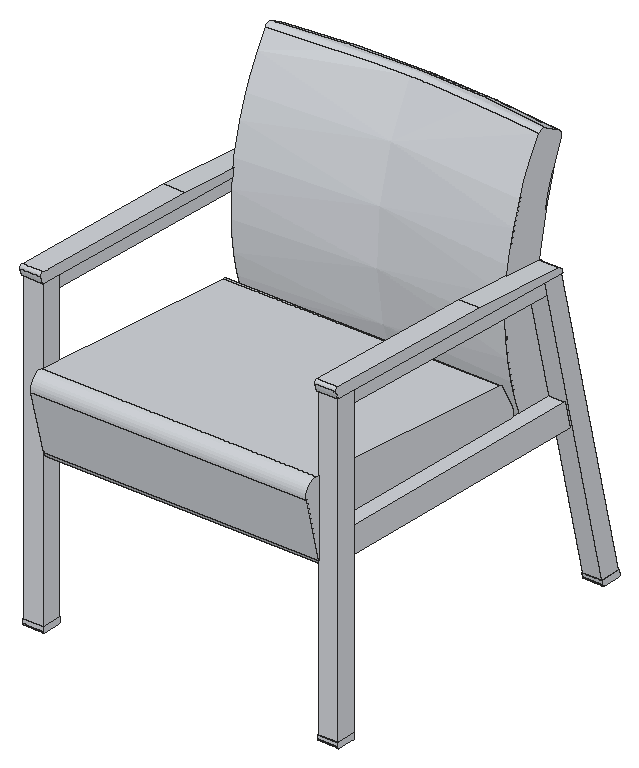
Revit family "Seat-LaZBoy-Kadia_Mod_Visitor_Seating-KAM10", category Furniture, Revit 2017
Family settings
  OmniClass Number = 23.40.20.00
  Work Plane-Based = No
  Always vertical = Yes
  Cut with Voids When Loaded = No
  Shared = No
  Room Calculation Point = No
Parameters (values of type "Solid Surface Arm Caps")
  Width = 24.50"  # constant formula
  URL = "https://www.la-z-boy.com/"
  Seat Material [instance] = none
  Product Documentation Link = "URL"
  Model = "KAM10BJ"
  Manufacturer = "LaZBoy"
  Height = 33.25"  # constant formula
  Description = "Guest Chair with Solid Surface Arm Caps"
  Depth = 28.50"  # constant formula
  Copyright © = "Inc"
  Back Material [instance] = none
  Assembly Code = "E2020200"
  Armcap Material [instance] = none
  Arm Material [instance] = none
Types (3): name | Model | Description
  Wood Arm Caps | "KAM10BW" | "Guest Chair with Arm Wood Arm Caps"
  Urethane Arm Caps | "KOT19U" | "Guest Chair with Arm Urethane Arm Caps"
  Solid Surface Arm Caps | "KAM10BJ" | "Guest Chair with Solid Surface Arm Caps"
Reference planes (in)
  plane 1 "Center (Front/Back)": y = 0
  plane 2: z = 0
  plane 3 "Center (Left/Right)": x = 0
  plane 4 "Left": x = -11.25
  plane 5 "Right": x = 11.25
  plane 6: y = -14.25
  plane 7: x = 12.25
  plane 8: x = -12.25
  plane 9: z = 33.25
  plane 10: y = 14.25
Forms (in)
  Sweep 1, solid, material <- "Back Material"
    path origin (0, -1.5, 0) x (1, 0, 0) y (0, 1, 0)
      loop
        arc (-11.25, 6.92517) -> (0, 7.82281) -> (11.25, 6.92517) r 70.94589
    profile origin (0, 6.32281, 0) x (0, 1, 0) y (0, 0, 1)
      loop
        arc (3.5655, 32.99495) -> (3.1973, 33.04777) -> (2.89451, 32.8317) r 0.5
        arc (2.89451, 32.8317) -> (-0.32773, 22.94208) -> (1.68612, 12.73757) r 20.62466
        arc (1.68612, 12.73757) -> (1.87058, 12.53145) -> (2.13639, 12.45494) r 0.5
        line (2.13639, 12.45494) -> (3.6764, 12.45494)
        arc (3.6764, 12.45494) -> (4.50884, 12.90083) -> (4.59893, 13.84086) r 1
        arc (4.59893, 13.84086) -> (3.52738, 16.86523) -> (2.79866, 19.98997) r 28.8197
        arc (2.79866, 19.98997) -> (2.6535, 21.40456) -> (2.71045, 22.82543) r 10
        arc (2.71045, 22.82543) -> (3.52285, 27.34395) -> (4.92874, 31.71436) r 34.45688
        arc (4.92874, 31.71436) -> (4.93628, 32.06306) -> (4.71401, 32.33185) r 0.5
        line (4.71401, 32.33185) -> (3.5655, 32.99495)
  Extrusion 2, void
    sketch origin (0, 0, 0) x (1, 0, 0) y (0, 1, 0)
      loop
        line (-10.625, 5.10559) -> (10.625, 5.10559) -> (10.625, 12.81994) -> (-10.625, 12.81994) -> (-10.625, 5.10559)
      loop
        line (-12.64211, 13.40268) -> (-12.64211, 3.83736) -> (12.60789, 3.83736) -> (12.60789, 13.40268) -> (-12.64211, 13.40268)
    from 0 to 36.64548
  Extrusion 3, solid, material <- "Seat Material"
    sketch origin (0, 0, 0) x (0, 1, 0) y (0, 0, 1)
      loop
        line (-14.20977, 17.31062) -> (-12.97981, 12.5796)
        arc (-12.97981, 12.5796) -> (-12.80573, 12.31297) -> (-12.50598, 12.20551) r 0.5
        line (-12.50598, 12.20551) -> (-11.38081, 12.18281)
        arc (-11.38081, 12.18281) -> (-11.29166, 12.21765) -> (-11.25325, 12.30532) r 0.12505
        line (-11.25325, 12.30532) -> (-11.20993, 14.45317) -> (5.29993, 14.12012)
        arc (5.29993, 14.12012) -> (5.65915, 14.23248) -> (5.8094, 14.57757) r 0.45291
        arc (5.8094, 14.57757) -> (5.74318, 15.0541) -> (5.56542, 15.50117) r 2.00636
        line (5.56542, 15.50117) -> (4.83996, 16.83345)
        arc (4.83996, 16.83345) -> (4.70704, 16.98141) -> (4.52178, 17.05378) r 0.43026
        arc (4.52178, 17.05378) -> (-4.32435, 18.04888) -> (-13.21148, 18.56177) r 163.74963
        arc (-13.21148, 18.56177) -> (-14.02361, 18.18593) -> (-14.20977, 17.31062) r 1
    from -10.6875 to 10.6875
Cuts and joins
  Extrusion 2 cuts Sweep 1
Lines and regions (in)
  Masking region 1
    outline origin (0, 0, 0) x (1, 0, 0) y (0, 1, 0)
      loop
        arc (-10.625, -13.75) -> (-10.47855, -14.10355) -> (-10.125, -14.25) r 0.5
        line (-10.125, -14.25) -> (10.125, -14.25)
        arc (10.125, -14.25) -> (10.47855, -14.10355) -> (10.625, -13.75) r 0.5
        line (10.625, -13.75) -> (10.625, 10.10323)
        arc (10.625, 10.10323) -> (10.50214, 10.43151) -> (10.19394, 10.59846) r 0.5
        arc (10.19394, 10.59846) -> (0, 11.30463) -> (-10.19394, 10.59846) r 73.93082
        arc (-10.19394, 10.59846) -> (-10.50214, 10.43151) -> (-10.625, 10.10323) r 0.5
        line (-10.625, 10.10323) -> (-10.625, -13.75)
  symbolic lines, detail levels medium+fine
    curve 1: arc (-10.05548, 5.32065, 0) -> (0.00028, 6.01662, 0) -> (10.05419, 5.29455, 0) r 71.65043
    curve 2: line (10.625, 5.89292, 0) -> (10.625, 5.78951, 0)
    curve 4: arc (-10.625, 5.8158, 0) -> (-10.45305, 5.43846, 0) -> (-10.05548, 5.32065, 0) r 0.5
    curve 5: arc (10.625, 5.78951, 0) -> (10.45256, 5.41175, 0) -> (10.05419, 5.29455, 0) r 0.5
  symbolic lines
    curve 3: line (-10.625, 7.45512, 0) -> (-10.625, 5.8158, 0)
Dimensions and locks (in)
  equal spacing: plane 4 "Left", plane 3 "Center (Left/Right)", plane 5 "Right"
  equal spacing: plane 8, plane 3 "Center (Left/Right)", plane 7
  locked: plane 8 to plane 7 at 24.5
  "Height": plane 9 to plane 2
  equal spacing: Extrusion 2 sketch curve, plane 3 "Center (Left/Right)", Extrusion 2 sketch curve
  locked: plane 8 to plane 4 "Left" at 1
  plane 5 "Right" to plane 7 = 1.00"
  equal spacing: plane 10, plane 1 "Center (Front/Back)", plane 6
  "Depth": plane 6 to plane 10
  aligned and locked: level to plane 2
  aligned and locked: plane 3 "Center (Left/Right)" to nested 1
  aligned and locked: plane 1 "Center (Front/Back)" to nested 1
  aligned and locked: cut or joined group of Sweep 1, Extrusion 2 to curve 2
  aligned and locked: plane 10 to nested 2
  aligned and locked: nested 2 to plane 8
  aligned and locked: plane 7 to nested 3
  aligned and locked: nested 3 to plane 10
  aligned and locked: nested 2 to Extrusion 3
  aligned and locked: Extrusion 3 to nested 3
Automatic sketch dimensions
  Extrusion 2 sketch curve to plane 4 "Left" = 1.39211"
  Extrusion 2 sketch curve to plane 5 "Right" = 1.35789"
  Extrusion 2 sketch curve to plane 1 "Center (Front/Back)" = 3.83736"
  Extrusion 2 sketch curve to Extrusion 2 sketch curve = 1.26823"
  Extrusion 2 sketch curve to Extrusion 2 sketch curve = 7.71435"
  Extrusion 2 sketch curve to Extrusion 2 sketch curve = 0.58273"
  plane 4 "Left" to Extrusion 2 sketch curve = 0.625"
  Sweep 1 sketch curve to profile plane = 2.13639"
  Sweep 1 sketch curve to profile plane = 3.3155"
  Sweep 1 sketch curve to Sweep 1 sketch curve = 0.25"  (x2)
  Sweep 1 sketch curve to Sweep 1 sketch curve = 1.54001"
  Sweep 1 sketch curve to Sweep 1 sketch curve = 1.14852"
  Sweep 1 sketch curve to Sweep 1 sketch curve = 8.97226"
  Sweep 1 sketch curve to Sweep 1 sketch curve = 7.61108"
  Sweep 1 sketch curve to Sweep 1 sketch curve = 10.92633"
  Sweep 1 sketch curve to Sweep 1 sketch curve = 5.76835"
  level to Sweep 1 sketch curve = 12.45494"
  Sweep 1 sketch curve to Sweep 1 sketch curve = 0.50"
  Sweep 1 sketch curve to Sweep 1 sketch curve = 1.00"
  level to Sweep 1 sketch curve = 19.00091"
  Sweep 1 sketch curve to Sweep 1 sketch curve = 2.70311"
  Sweep 1 sketch curve to Sweep 1 sketch curve = 0.01147"
  Sweep 1 sketch curve to Sweep 1 sketch curve = 5.96196"
  Sweep 1 sketch curve to Sweep 1 sketch curve = 10.18335"
  Sweep 1 sketch curve to Sweep 1 sketch curve = 0.43301"  (x2)
  Sweep 1 sketch curve to Sweep 1 sketch curve = 0.6631"
  Sweep 1 sketch curve to Sweep 1 sketch curve = 0.00"  (x3)
  Sweep 1 sketch curve to profile plane = 2.71045"
  plane 6 to Extrusion 3 sketch curve = 3.94909"
  Extrusion 3 sketch curve to plane 6 = 0.04023"
  Extrusion 3 sketch curve to plane 6 = 1.00806"
  Extrusion 3 sketch curve to plane 6 = 1.27019"
  Extrusion 3 sketch curve to Extrusion 3 sketch curve = 0.47383"
  Extrusion 3 sketch curve to Extrusion 3 sketch curve = 0.48391"
  Extrusion 3 sketch curve to Extrusion 3 sketch curve = 1.12518"
  Extrusion 3 sketch curve to Extrusion 3 sketch curve = 0.00252"
  Extrusion 3 sketch curve to Extrusion 3 sketch curve = 0.12503"
  Extrusion 3 sketch curve to Extrusion 3 sketch curve = 0.04333"
  Extrusion 3 sketch curve to plane 1 "Center (Front/Back)" = 3.80336"
  Extrusion 3 sketch curve to Extrusion 3 sketch curve = 0.65872"
  Extrusion 3 sketch curve to Extrusion 3 sketch curve = 0.37787"
  Extrusion 3 sketch curve to Extrusion 3 sketch curve = 1.49656"
  Extrusion 3 sketch curve to Extrusion 3 sketch curve = 0.05664"
  Extrusion 3 sketch curve to Extrusion 3 sketch curve = 0.20885"
  Extrusion 3 sketch curve to level = 145.11188"
  level to Extrusion 3 sketch curve = 12.18281"
  Extrusion 3 sketch curve to Extrusion 3 sketch curve = 0.0227"
  Extrusion 3 sketch curve to Extrusion 3 sketch curve = 0.12251"
  Extrusion 3 sketch curve to Extrusion 3 sketch curve = 0.37409"
  level to Extrusion 3 sketch curve = 14.12012"
  Extrusion 3 sketch curve to Extrusion 3 sketch curve = 0.42156"
  Extrusion 3 sketch curve to Extrusion 3 sketch curve = 0.44935"
  Extrusion 3 sketch curve to Extrusion 3 sketch curve = 0.9317"
  Extrusion 3 sketch curve to Extrusion 3 sketch curve = 1.12651"
  Extrusion 3 sketch curve to Extrusion 3 sketch curve = 0.20576"
  Extrusion 3 sketch curve to Extrusion 3 sketch curve = 2.85745"
  Extrusion 3 sketch curve to Extrusion 3 sketch curve = 0.25161"
  Extrusion 3 sketch curve to Extrusion 3 sketch curve = 0.00"
  Sweep 1 sketch curve to plane 3 "Center (Left/Right)" = 0.00"
  Sweep 1 sketch curve to plane 5 "Right" = 0.00"
  Sweep 1 sketch curve to plane 4 "Left" = 0.00"
  plane 6 to Sweep 1 sketch curve = 50.37308"
  Sweep 1 sketch curve to plane 1 "Center (Front/Back)" = 5.42517"
  curve 5 to curve 2 = 0.50"
  curve 1 to plane 3 "Center (Left/Right)" = 0.09272"
  plane 4 "Left" to curve 4 = 1.125"
  curve 3 to curve 4 = 0.50"
  plane 6 to curve 1 = 51.38376"
  curve 2 to plane 1 "Center (Front/Back)" = 5.78951"
  curve 3 to plane 1 "Center (Front/Back)" = 5.8158"
  curve 1 to curve 5 = 0.00"
  curve 2 to curve 2 = 0.1034"
  curve 3 to curve 3 = 1.63932"
  Masking region 1 sketch curve to plane 3 "Center (Left/Right)" = 0.00"
  plane 6 to Masking region 1 sketch curve = 0.00"
  Masking region 1 sketch curve to plane 6 = 0.50"  (x2)
  plane 4 "Left" to Masking region 1 sketch curve = 1.125"
  Masking region 1 sketch curve to Masking region 1 sketch curve = 0.50"  (x2)
  plane 5 "Right" to Masking region 1 sketch curve = 1.125"
  plane 6 to Masking region 1 sketch curve = 48.37619"
  Masking region 1 sketch curve to plane 10 = 4.14677"  (x2)
  Masking region 1 sketch curve to Masking region 1 sketch curve = 0.00"
Nested families (in)
  nested 1: "Label 1-16" at (0, 0, 0), type "Center", detail levels fine
    with Offset (LR) 0.00"
  nested 2: "KAM-Legs" at (-11.4375, -0.62521, 0), type "Standard"
  nested 3: "KAM-Legs" at (11.4375, -0.62521, 0) x (-1, 0, 0) z (0, 0, 1), type "Standard"
Definition of nested family "KAM-Legs"
  Parameters (values of type "Standard")
    URL = ""
    Model = ""
    Manufacturer = ""
    Description = ""
    Assembly Code = "E2020200"
    Armcap Material = none
    Arm Material = none
  Reference planes (in)
    plane 1 "Center (Front/Back)": y = 0
    plane 2: z = 0
    plane 3 "Center (Left/Right)": x = 0
    plane 4 "Left": x = -0.75
    plane 5 "Right": x = 0.75
    plane 6 "Top": z = 7.875
    plane 7: z = 3.9375
    plane 8: y = 14.87521
    plane 9: y = -12.70677
    plane 10: x = -0.8125
    plane 11: x = 0.8125
  Forms (in)
    Extrusion 1, solid, material <- "Arm Material"
      sketch origin (0, 0, 0) x (0, 1, 0) y (0, 0, 1)
        loop
          line (14.77719, 0.5562) -> (9.21278, 23.70234) -> (7.67912, 23.76206) -> (13.2361, 0.5562) -> (14.77719, 0.5562)
        loop
          line (-10.91031, 0.54831) -> (-10.91031, 24.62591) -> (-12.39735, 24.62591) -> (-12.39735, 0.54831) -> (-10.91031, 0.54831)
      from -0.75 to 0.75
    Extrusion 2, solid, material <- "Armcap Material"
      sketch origin (0, 0, 0) x (0, 1, 0) y (0, 0, 1)
        loop
          line (9.31962, 23.63575) -> (9.28113, 23.81681)
          arc (9.28113, 23.81681) -> (9.14966, 24.04635) -> (8.90912, 24.15643) r 0.43259
          arc (8.90912, 24.15643) -> (5.08499, 24.53404) -> (1.2488, 24.75811) r 95.87237
          line (1.2488, 24.75811) -> (-12.47645, 25.28404)
          arc (-12.47645, 25.28404) -> (-12.65161, 25.20907) -> (-12.70444, 25.026) r 0.22237
          arc (-12.70444, 25.026) -> (-12.635, 24.74221) -> (-12.52223, 24.47269) r 1.87069
          line (-12.52223, 24.47269) -> (9.31962, 23.63575)
      from -0.8125 to 0.8125
    Extrusion 3, solid
      sketch origin (0, 0.00399, 0) x (1, 0, 0) y (0, 1, 0)
        loop
          circle (0, 14.05016) r 0.56382
        loop
          circle (0, -11.66859) r 0.56382
      from 0 to 0.262
    Extrusion 4, solid, material <- "Arm Material"
      sketch origin (0, 0, 0) x (0, 1, 0) y (0, 0, 1)
        loop
          line (9.94865, 14.28456) -> (-10.91031, 14.70467) -> (-10.91031, 12.70427) -> (10.42999, 12.27446) -> (9.94865, 14.28456)
      from 0.75 to -0.5
    Extrusion 5, solid
      sketch origin (0, 0, 0) x (0, 1, 0) y (0, 0, 1)
        loop
          line (14.80347, 0.5562) -> (13.20606, 0.5562) -> (13.28835, 0.19977)
          arc (13.28835, 0.19977) -> (13.33819, 0.12079) -> (13.42636, 0.09) r 0.14163
          line (13.42636, 0.09) -> (14.75158, 0.09)
          arc (14.75158, 0.09) -> (14.85088, 0.1379) -> (14.87521, 0.24543) r 0.12689
          line (14.87521, 0.24543) -> (14.80347, 0.5562)
        loop
          line (-10.88531, 0.54831) -> (-12.43327, 0.54831) -> (-12.43327, 0.21253)
          arc (-12.43327, 0.21253) -> (-12.39854, 0.12868) -> (-12.31468, 0.09394) r 0.11859
          line (-12.31468, 0.09394) -> (-11.00771, 0.09394)
          arc (-11.00771, 0.09394) -> (-10.92116, 0.12979) -> (-10.88531, 0.21634) r 0.1224
          line (-10.88531, 0.21634) -> (-10.88531, 0.54831)
      from 0.79 to -0.79
    Extrusion 6, solid, material <- "Arm Material"
      sketch origin (0, 0, 0) x (0, 1, 0) y (0, 0, 1)
        loop
          line (-10.91031, 23.46763) -> (7.92243, 22.74599) -> (7.69446, 23.69802) -> (-10.91031, 24.41093) -> (-10.91031, 23.46763)
      from -0.75 to 0.75
  Lines and regions (in)
    Masking region 1
      outline origin (0, 0, 0) x (1, 0, 0) y (0, 1, 0)
        loop
          line (-0.75, 14.87521) -> (-0.75, 9.31962) -> (-0.8125, 9.31962) -> (-0.8125, -12.70677) -> (0.8125, -12.70677) -> (0.8125, 9.31962) -> (0.75, 9.31962) -> (0.75, 14.87521) -> (-0.75, 14.87521)
    symbolic lines, detail levels medium+fine
      curve 1: line (-0.75, 9.31962, 0) -> (0.75, 9.31962, 0)
  Dimensions and locks (in)
    equal spacing: plane 4 "Left", plane 3 "Center (Left/Right)", plane 5 "Right"
    plane 2 to plane 6 "Top" = 7.875"
    equal spacing: plane 6 "Top", plane 7, plane 2
    aligned and locked: level to plane 2
    aligned and locked: Masking region 1 sketch curve to plane 8
    aligned and locked: Masking region 1 sketch curve to plane 4 "Left"
    aligned and locked: plane 5 "Right" to Masking region 1 sketch curve
    aligned and locked: Masking region 1 sketch curve to plane 9
    aligned and locked: Masking region 1 sketch curve to Extrusion 2
    aligned and locked: Extrusion 2 to Masking region 1 sketch curve
  Automatic sketch dimensions
    Extrusion 3 sketch curve to plane 3 "Center (Left/Right)" = 0.00"  (x2)
    Extrusion 4 sketch curve to Extrusion 4 sketch curve = 0.48135"
    Extrusion 4 sketch curve to plane 6 "Top" = 4.39946"
    Extrusion 4 sketch curve to plane 6 "Top" = 4.82927"
    Extrusion 3 sketch curve to plane 1 "Center (Front/Back)" = 14.05415"
    Extrusion 4 sketch curve to plane 6 "Top" = 6.40956"
    plane 1 "Center (Front/Back)" to Extrusion 3 sketch curve = 11.6646"
    Extrusion 1 sketch curve to plane 9 = 0.30942"
    Extrusion 1 sketch curve to Extrusion 1 sketch curve = 1.48705"
    Extrusion 1 sketch curve to plane 8 = 0.09802"
    level to Extrusion 1 sketch curve = 0.54831"
    level to Extrusion 1 sketch curve = 0.5562"
    Extrusion 1 sketch curve to plane 6 "Top" = 16.75091"
    Extrusion 1 sketch curve to plane 8 = 7.19609"
    Extrusion 1 sketch curve to Extrusion 1 sketch curve = 1.53366"
    Extrusion 1 sketch curve to Extrusion 1 sketch curve = 1.54109"
    Extrusion 1 sketch curve to Extrusion 1 sketch curve = 0.05972"
    Extrusion 1 sketch curve to plane 6 "Top" = 15.82734"
    Extrusion 4 sketch curve to Extrusion 4 sketch curve = 2.00041"
    Extrusion 4 sketch curve to plane 9 = 1.79647"
    Extrusion 4 sketch curve to plane 8 = 4.44522"
    Extrusion 2 sketch curve to plane 9 = 0.18455"
    Extrusion 2 sketch curve to plane 9 = 0.2218"
    Extrusion 2 sketch curve to Extrusion 2 sketch curve = 0.00851"
    Extrusion 2 sketch curve to Extrusion 2 sketch curve = 1.61828"
    plane 1 "Center (Front/Back)" to Extrusion 2 sketch curve = 2.42217"
    Extrusion 2 sketch curve to plane 1 "Center (Front/Back)" = 1.2488"
    Extrusion 2 sketch curve to plane 8 = 6.01722"
    Extrusion 2 sketch curve to Extrusion 2 sketch curve = 0.42314"
    Extrusion 2 sketch curve to Extrusion 2 sketch curve = 0.03849"
    Extrusion 2 sketch curve to level = 71.04395"
    Extrusion 2 sketch curve to plane 6 "Top" = 15.76075"
    Extrusion 2 sketch curve to Extrusion 2 sketch curve = 0.09112"
    Extrusion 2 sketch curve to Extrusion 2 sketch curve = 0.18106"
    Extrusion 2 sketch curve to plane 6 "Top" = 16.59769"
    Extrusion 2 sketch curve to Extrusion 2 sketch curve = 1.03124"
    Extrusion 2 sketch curve to Extrusion 2 sketch curve = 0.58913"
    Extrusion 2 sketch curve to Extrusion 2 sketch curve = 0.22221"
    Extrusion 2 sketch curve to Extrusion 2 sketch curve = 0.04331"
    Extrusion 5 sketch curve to plane 8 = 0.00"
    Extrusion 5 sketch curve to plane 8 = 0.07175"
    Extrusion 5 sketch curve to plane 8 = 0.12364"
    level to Extrusion 5 sketch curve = 0.23163"
    Extrusion 5 sketch curve to Extrusion 5 sketch curve = 1.32522"
    level to Extrusion 5 sketch curve = 0.19977"
    Extrusion 5 sketch curve to Extrusion 5 sketch curve = 0.138"
    level to Extrusion 5 sketch curve = 0.5562"
    Extrusion 5 sketch curve to Extrusion 5 sketch curve = 0.08229"
    level to Extrusion 5 sketch curve = 0.21634"
    Extrusion 5 sketch curve to plane 9 = 1.82147"
    Extrusion 5 sketch curve to Extrusion 5 sketch curve = 0.1224"
    Extrusion 5 sketch curve to plane 9 = 0.39209"
    Extrusion 5 sketch curve to plane 9 = 0.2735"
    Extrusion 5 sketch curve to Extrusion 5 sketch curve = 0.12689"
    Extrusion 5 sketch curve to Extrusion 5 sketch curve = 0.33578"
    Masking region 1 sketch curve to plane 8 = 5.5556"
    Masking region 1 sketch curve to Masking region 1 sketch curve = 0.00"
    curve 1 to plane 4 "Left" = 0.00"
    curve 1 to plane 5 "Right" = 0.00"
    curve 1 to plane 8 = 5.5556"
    Extrusion 6 sketch curve to plane 9 = 1.79647"
    Extrusion 6 sketch curve to plane 8 = 7.18076"
    Extrusion 6 sketch curve to Extrusion 6 sketch curve = 0.22798"
    Extrusion 6 sketch curve to plane 6 "Top" = 14.87099"
    Extrusion 6 sketch curve to Extrusion 6 sketch curve = 0.72164"
    Extrusion 6 sketch curve to Extrusion 6 sketch curve = 0.95203"
    Extrusion 6 sketch curve to Extrusion 6 sketch curve = 0.9433"
    radius of Extrusion 3 sketch curve = 0.56382"  (x2)
Definition of nested family "Label 1-16"
  Parameters (values of type "Center")
    P_Width = 0.00"
    Text_Width = "Empty"
    Text_Height = "Empty"
    Text_Diameter = "Empty"
    Text_Depth = "Empty"
    Offset (LR) [instance] = 0.00"
    Model Name = "6961"
    P_Height = 0.00"
    Distance of Center (not Change) = 0.00"
    P_Diameter = 0.00"
    P_Depth = 0.00"
  Reference planes (in)
    plane 1: y = 0
    plane 2: x = 0
  Lines and regions (in)
    reference lines
      curve 1: line (-0.44359, 0, 0) -> (0.41085, 0, 0)
      curve 3: line (0, 0.32564, 0) -> (0, -0.40221, 0)
    reference lines, not visible
      curve 2: line (-0.44359, 0.09843, 0) -> (0.41085, 0.09843, 0)
      curve 4: line (0, 0.42407, 0) -> (0, -0.30379, 0)
  Text (in)
    label "Empty" at (0.00197, -0.0079, 0), shows "Model Name"
    label "Empty" at (0.00197, 0.09052, 0), shows "Model Name", not visible
  Dimensions and locks (in)
    "Distance of Center (not Change)": plane 1 to curve 1
    "Offset (LR)": curve 3 to plane 2
  Automatic sketch dimensions
    curve 1 to curve 3 = 0.44359"
    curve 3 to curve 1 = 0.41085"
    curve 3 to curve 1 = 0.40221"
    curve 1 to curve 3 = 0.32564"
    curve 2 to curve 4 = 0.44359"
    curve 4 to curve 2 = 0.41085"
    curve 4 to curve 2 = 0.40221"
    curve 2 to curve 4 = 0.32564"
